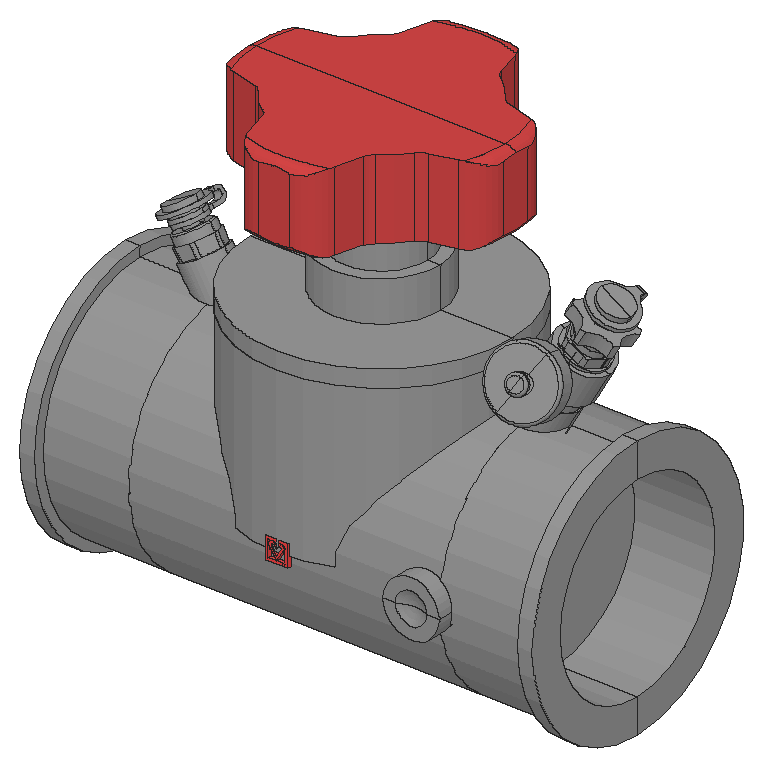
Revit family "Strangregulierventil für Differenzdruckmessung, Geradsitzform 4217 GML", category Rohrzubehör, Revit 2018
Family settings
  Bemaßung runder Anschluss = Durchmesser verwenden
  Teiletyp = Unterbricht
  OmniClass-Nummer = 23.65.55.14
  OmniClass-Titel = Valves for Liquid Services
  Arbeitsebenenbasiert = Nein
  Immer vertikal = Ja
  Beim Laden mit Abzugskörper schneiden = Nein
  Gemeinsam genutzt = Nein
Parameters
  kvs-Wert [instance] = if(Nennweite = 15.00 mm, 6.05, if(Nennweite = 20.00 mm, 6.11, if(Nennweite = 25.00 mm, 9.22, if(Nennweite = 32.00 mm, 18.83, if(Nennweite = 40.00 mm, 23.29, if(Nennweite = 50.00 mm, 35.26, if(Nennweite = 65.00 mm, 52.11, if(Nennweite = 80.00 mm, 76.1, 0))))))))  # 76.1
  W02 = 60.00°  # constant formula
  W01 = 30.00°  # constant formula
  URL = "www.herz-armaturen.at"
  SC_NennweiteBerechnet = 0
  SC_Dimension = ""
  SCRNSEQ = "ARM;ARM_TYP=\"STRV\";2"
  SCRNCODE = "05;07;02"  # constant formula
  S02 = 60.00 mm  # constant formula
  S01 [instance] = H00 + H01  # 119.31 mm
  R01 [instance] = size_lookup("4217_GML_", "R1", 1.00 mm, Nennweite)  # 53.00 mm
  Nennweite [instance] = 80.00 mm
  Medium = "Heizwasserqualität entsprechend ÖNORM H 5195 bzw. VDI-Richtlinie 2035.\r\nDie Verwendung von Ethylen- und Propylenglykol ist im Mischungsverhältnis 25 - 50 Vol. % zulässig."
  Max. Betriebstemperatur (bis DN32) = 130 °C  # constant formula
  Max. Betriebstemperatur (ab DN40) = 110 °C  # constant formula
  Max. Betriebsdruck = 1600000.0 Pa  # constant formula
  ML02 [instance] = size_lookup("4217_GML_", "ML2", 1.00 mm, Nennweite)  # 70.50 mm
  ML01 [instance] = size_lookup("4217_GML_", "ML1", 1.00 mm, Nennweite)  # 37.35 mm
  MD01 = 9.50 mm  # constant formula
  L02 [instance] = size_lookup("4217_GML_", "L2", 1.00 mm, Nennweite)  # 6.00 mm
  L01 [instance] = size_lookup("4217_GML_", "L1", 1.00 mm, Nennweite)  # 41.30 mm
  L00 [instance] = size_lookup("4217_GML_", "L", 1.00 mm, Nennweite)  # 210.00 mm
  IG [instance] = Nennweite / 2  # 40.00 mm
  Hersteller = "HERZ Armaturen Ges.m.b.H."  # constant formula
  H04 [instance] = size_lookup("4217_GML_", "H4", 1.00 mm, Nennweite)  # 19.00 mm
  H03 = 10.00 mm  # constant formula
  H02 [instance] = size_lookup("4217_GML_", "H2", 1.00 mm, Nennweite)  # 7.00 mm
  H01 [instance] = size_lookup("4217_GML_", "H1", 1.00 mm, Nennweite)  # 52.60 mm
  H00 [instance] = size_lookup("4217_GML_", "H", 1.00 mm, Nennweite)  # 66.71 mm
  Gewicht [instance] = if(Nennweite = 15.00 mm, "0.97 kg", if(Nennweite = 20.00 mm, "1.00 kg", if(Nennweite = 25.00 mm, "1.45 kg", if(Nennweite = 32.00 mm, "1.98 kg", if(Nennweite = 40.00 mm, "2.34 kg", if(Nennweite = 50.00 mm, "3.85 kg", if(Nennweite = 65.00 mm, "5.35 kg", if(Nennweite = 80.00 mm, "7.20 kg", "0 kg"))))))))  # "7.20 kg"
  Gehäuse = "DZR-Messing"  # constant formula
  GT [instance] = size_lookup("4217_GML_", "GT", 1.00 mm, Nennweite)  # 33.30 mm
  Einbaulage = "Bedingt durch die senkrecht zur Ventilachse angeordnete, nichtsteigende Ventilspindel ist für jede Einbaulage optimale Zugängigkeit und Bedienbarkeit des Ventils gewährleistet."
  Differenzdruckmessung = "STRÖMAX-GML Strangregulierventil ist mit zwei Messventilen ausgestattet.\r\nBei Verwendung eines geeigneten Messgerätes kann der Differenzdruck gemessen und dadurch die jeweilige Durchflussmenge in Abhängigkeit der Einstellstufe ermittelt werden.\r\nAm HERZ-Messcomputer (1 8900 05) ist außerdem direkt die jeweilige Durchflussmenge ablesbar."
  DN80 [instance] = Nennweite = 80.00 mm  # yes
  DN65 [instance] = Nennweite = 65.00 mm  # no
  DN50_DN80 [instance] = or(Nennweite = 50.00 mm, Nennweite = 65.00 mm, Nennweite = 80.00 mm)  # yes
  DN50-DN80 [instance] = H00 + H01  # 119.31 mm
  DN50 [instance] = Nennweite = 50.00 mm  # no
  DN40 [instance] = Nennweite = 40.00 mm  # no
  DN32 [instance] = Nennweite = 32.00 mm  # no
  DN25 [instance] = Nennweite = 25.00 mm  # no
  DN20 [instance] = Nennweite = 20.00 mm  # no
  DN15_DN40 [instance] = or(Nennweite = 15.00 mm, Nennweite = 20.00 mm, Nennweite = 25.00 mm, Nennweite = 32.00 mm, Nennweite = 40.00 mm)  # no
  DN15-DN40 [instance] = H00 + H01  # 119.31 mm
  DN15 [instance] = Nennweite = 15.00 mm  # no
  D06 [instance] = size_lookup("4217_GML_", "D6", 1.00 mm, Nennweite)  # 24.30 mm
  D05 [instance] = size_lookup("4217_GML_", "D5", 1.00 mm, Nennweite)  # 19.00 mm
  D04 = 9.00 mm  # constant formula
  D03 [instance] = size_lookup("4217_GML_", "D3", 1.00 mm, Nennweite)  # 53.80 mm
  D02 [instance] = size_lookup("4217_GML_", "D2", 1.00 mm, Nennweite)  # 54.00 mm
  D01 [instance] = size_lookup("4217_GML_", "D1", 1.00 mm, Nennweite)  # 50.00 mm
  Bestellnummer [instance] = size_lookup("4217_GML_", "Artnr", 0, Nennweite)  # 1421718
  Ausführung = "STRÖMAX-GML Strangregulierventil mit Messventilen und Impulsleitungsanschluß 1/2″ – 3″\r\nGeradesitzform, gelbe Ausführung, Muffe x Muffe, nichtsteigende Spindel, Spindelabdichtung durch Doppel-O-Ring, Voreinstellung durch Hubbegrenzung mittels Innenspindel, digitale Anzeige der Voreinstellstufe im Handradfenster.\r\nEin Standardmeßventil und ein Messventil mit integriertem Impulsleitungsanschluß befinden sich neben dem Handrad."
  Anwendungen = "Zum hydraulischen Abgleich in Heiz- oder Kühlanlagen, Einregulieren von Verteilleitungen, Strängen, Wärmetauschern, Heiz- und Kühlregistern."
Reference planes
  plane 1 "Mitte (Vorne/hinten)": y = 0
  plane 2: z = 0
  plane 3 "Mitte (Links/rechts)": x = 0
Forms (mm)
  Revolve 1, solid, material "Messing, weicher Gelbton, geschweißt", detail levels fine
    sketch origin (0, 0, 0) x (1, 0, 0) y (0, 0, 1)
      loop
        line (-105, 54) -> (-105, 40) -> (-71.7, 40) -> (-71.7, 0) -> (71.7, 0) -> (71.7, 40) -> (105, 40) -> (105, 54) -> (99, 54) -> (99, 50) -> (63.7, 50)
        arc (63.7, 50) -> (0, 53) -> (-63.7, 50) r 677.782
        line (-63.7, 50) -> (-99, 50) -> (-99, 54) -> (-105, 54)
      axis (-105, 0) -> (105, 0)
    angle from 0 to 360
  Revolve 2, solid, material "Messing, weicher Gelbton, geschweißt", detail levels fine
    sketch origin (0, 0, 0) x (1, 0, 0) y (0, 0, 1)
      loop
        line (37.35, 0) -> (72.6, 61.055) -> (64.373, 65.805) -> (29.123, 4.75) -> (37.35, 0)
      axis (37.35, 0) -> (72.6, 61.055)
    angle from 0 to 360
  Revolve 3, solid, material "Messing, weicher Gelbton, geschweißt", detail levels fine
    sketch origin (0, 0, 0) x (1, 0, 0) y (0, 0, 1)
      loop
        line (0, 0) -> (0, 66.71) -> (-53.8, 66.71) -> (-53.8, 0) -> (0, 0)
      axis (0, 66.71) -> (0, 0)
    angle from 0 to 360
  Revolve 4, solid, material "Messing, weicher Gelbton, geschweißt", detail levels fine
    sketch origin (0, 0, 0) x (-1, 0, 0) y (0, 0, 1)
      loop
        line (37.35, 0) -> (72.6, 61.055) -> (64.373, 65.805) -> (29.123, 4.75) -> (37.35, 0)
      axis (37.35, 0) -> (72.6, 61.055)
    angle from 0 to 360
  Revolve 5, solid, material "Messing, weicher Gelbton, geschweißt", visible <- "DN65", detail levels fine
    sketch origin (0, 0, 0) x (1, 0, 0) y (0, 1, 0)
      loop
        line (60, 47.945) -> (60, -47.945)
        arc (60, -47.945) -> (63.368, -48.598) -> (66.5, -50) r 15
        line (66.5, -50) -> (71.5, -50) -> (71.5, 50) -> (66.5, 50)
        arc (66.5, 50) -> (63.368, 48.598) -> (60, 47.945) r 15
      axis (60, 50) -> (60, -50)
    angle from 0 to 360
  Revolve 6, solid, material "Messing, weicher Gelbton, geschweißt", detail levels fine
    sketch origin (0, 0, 0) x (1, 0, 0) y (0, 0, 1)
      loop
        line (0, 66.71) -> (0, 119.31) -> (-9, 119.31) -> (-9, 109.31) -> (-19, 109.31) -> (-19, 90.31) -> (-24.3, 90.31) -> (-24.3, 73.71) -> (-53.8, 73.71) -> (-53.8, 66.71) -> (0, 66.71)
      axis (0, 119.31) -> (0, 66.71)
    angle from 0 to 360
  Revolve 7, solid, material "Messing, weicher Gelbton, geschweißt", visible <- "DN80", detail levels fine
    sketch origin (0, 0, 0) x (1, 0, 0) y (0, 1, 0)
      loop
        line (57, 53.945) -> (57, -53.945)
        arc (57, -53.945) -> (60.368, -54.598) -> (63.5, -56) r 15
        line (63.5, -56) -> (68.5, -56) -> (68.5, 56) -> (63.5, 56)
        arc (63.5, 56) -> (60.368, 54.598) -> (57, 53.945) r 15
      axis (57, 56) -> (57, -56)
    angle from 0 to 360
Lines and regions (mm)
  model lines, detail levels coarse+medium
    curve 1: line (-105, 0, 54) -> (-105, 0, -54)
    curve 2: line (-105, 0, -54) -> (105, 0, 54)
    curve 3: line (105, 0, 54) -> (105, 0, -54)
    curve 4: line (105, 0, -54) -> (-105, 0, 54)
    curve 5: line (0, 0, 0) -> (68.884, 0, 119.31)
    curve 6: line (42.903, 0, 134.31) -> (94.864, 0, 104.31)
    curve 7: line (-105, 54, 0) -> (-105, -54, 0)
    curve 8: line (-105, -54, 0) -> (105, 54, 0)
    curve 9: line (105, 54, 0) -> (105, -54, 0)
    curve 10: line (105, -54, 0) -> (-105, 54, 0)
    curve 11: line (0, 0, 0) -> (68.884, 119.31, 0)
    curve 12: line (42.903, 134.31, 0) -> (94.864, 104.31, 0)
Dimensions and locks
  "IG": Revolve 1 sketch curve to plane 2
  "GT": Revolve 1 sketch curve to Revolve 1 sketch curve  (x2)
  "IG": Revolve 1 sketch curve to Revolve 1 sketch curve
  "D01": Revolve 1 sketch curve to Revolve 1 sketch curve  (x2)
  "R01": Revolve 1 sketch curve to Revolve 1 sketch curve
  "L02": Revolve 1 sketch curve to Revolve 1 sketch curve  (x2)
  "L01": Revolve 1 sketch curve to Revolve 1 sketch curve  (x2)
  "D02": Revolve 1 sketch curve to plane 2  (x2)
  equal spacing: Revolve 1 sketch curve, plane 3 "Mitte (Links/rechts)", Revolve 1 sketch curve
  "L00": Revolve 1 sketch curve to Revolve 1 sketch curve
  "R01": nested 1 to plane 1 "Mitte (Vorne/hinten)"
  "ML01": Revolve 2 sketch curve to plane 3 "Mitte (Links/rechts)"
  "H00": Revolve 3 sketch curve to plane 2
  "D03": Revolve 3 sketch curve to Revolve 3 sketch curve
  "ML02": Revolve 2 sketch curve to Revolve 2 sketch curve
  "MD01": Revolve 2 sketch curve to Revolve 2 sketch curve  (x2)
  "ML02": Revolve 4 sketch curve to Revolve 4 sketch curve
  "MD01": Revolve 4 sketch curve to Revolve 4 sketch curve  (x2)
  "ML01": plane 3 "Mitte (Links/rechts)" to Revolve 4 sketch curve
  Revolve 5 sketch curve to Revolve 1 = 45.00 mm
  Revolve 5 sketch curve to Revolve 5 sketch curve = 11.50 mm  (x2)
  Revolve 5 sketch curve to plane 1 "Mitte (Vorne/hinten)" to Revolve 5 sketch curve = 50.00 mm, 50.00 mm
  "H00": Revolve 6 sketch curve to plane 2
  "H01": Revolve 6 sketch curve to Revolve 6 sketch curve
  "D04": Revolve 6 sketch curve to Revolve 6 sketch curve
  "D03": Revolve 6 sketch curve to Revolve 6 sketch curve
  "D05": Revolve 6 sketch curve to Revolve 6 sketch curve
  "D06": Revolve 6 sketch curve to Revolve 6 sketch curve
  "H02": Revolve 6 sketch curve to Revolve 6 sketch curve
  "H03": Revolve 6 sketch curve to Revolve 6 sketch curve
  "H04": Revolve 6 sketch curve to Revolve 6 sketch curve
  Revolve 7 sketch curve to Revolve 1 = 48.00 mm
  Revolve 7 sketch curve to Revolve 7 sketch curve = 11.50 mm  (x2)
  Revolve 7 sketch curve to plane 1 "Mitte (Vorne/hinten)" to Revolve 7 sketch curve = 56.00 mm, 56.00 mm
  "DN15-DN40": nested 2 to plane 2
  "DN50-DN80": nested 3 to plane 2
  "D02": curve 4 to plane 2 to curve 2
  "D02": curve 3 to plane 2 to curve 4
  equal spacing: curve 1, plane 3 "Mitte (Links/rechts)", curve 3
  "L00": curve 1 to curve 3
  equal spacing: Revolve 1, curve 5, Revolve 1
  "S01": curve 5 to plane 2
  equal spacing: curve 6, curve 5, curve 6
  "S02": curve 6 to curve 6
  "D02": curve 8 to plane 1 "Mitte (Vorne/hinten)" to curve 10
  "D02": curve 10 to plane 1 "Mitte (Vorne/hinten)" to curve 9
  equal spacing: curve 7, plane 3 "Mitte (Links/rechts)", curve 9
  "L00": curve 7 to curve 9
  equal spacing: curve 7, curve 11, curve 9
  "S01": plane 1 "Mitte (Vorne/hinten)" to curve 11
  equal spacing: curve 12, curve 11, curve 12
  "S02": curve 12 to curve 12
  radius of Revolve 5 sketch curve = 15.00 mm  (x2)
  radius of Revolve 7 sketch curve = 15.00 mm  (x2)
  "W01": angle Revolve 2 sketch curve to plane 3 "Mitte (Links/rechts)"  (x2)
  "W01": angle plane 3 "Mitte (Links/rechts)" to Revolve 4 sketch curve  (x2)
  "W02": angle plane 2 to curve 5
  "W02": angle plane 1 "Mitte (Vorne/hinten)" to curve 11
  aligned and locked: level to plane 2
Automatic sketch dimensions
  Revolve 5 sketch curve to Revolve 5 sketch curve = 1.153 mm  (x2)
  Revolve 5 sketch curve to Revolve 5 sketch curve = 5.00 mm  (x2)
  Revolve 5 sketch curve to Revolve 5 sketch curve = 2.854 mm  (x2)
  Revolve 7 sketch curve to Revolve 7 sketch curve = 1.153 mm  (x2)
  Revolve 7 sketch curve to Revolve 7 sketch curve = 5.00 mm  (x2)
  Revolve 7 sketch curve to Revolve 7 sketch curve = 8.854 mm  (x2)
  Revolve 1 sketch curve to level = 0.00 mm  (x2)
  Revolve 1 sketch curve to Revolve 1 sketch curve = 1429.986 mm
  Revolve 1 sketch curve to Revolve 1 sketch curve = 1762.604 mm
  Revolve 2 sketch curve to level = 0.00 mm  (x2)
  Revolve 3 sketch curve to level = 0.00 mm
  Revolve 3 sketch curve to plane 3 "Mitte (Links/rechts)" = 0.00 mm  (x2)
  Revolve 3 sketch curve to Revolve 3 sketch curve = 366.045 mm
  Revolve 3 sketch curve to Revolve 3 sketch curve = 2179.415 mm
  Revolve 4 sketch curve to level = 0.00 mm  (x2)
  Revolve 6 sketch curve to plane 3 "Mitte (Links/rechts)" = 0.00 mm  (x2)
  Revolve 6 sketch curve to level = 366.045 mm
  Revolve 6 sketch curve to Revolve 6 sketch curve = 2146.115 mm
Nested families
  nested 1: "Herz-Logo-vorne" at (0, -53, 0) x (0, 1, 0) z (0, 0, 1), type "Herz-Logo-vorne", detail levels fine
  nested 2: "Strangregulierventil-Handrad-Gerade (Rot) DN15-DN40" at (0, 0, 119.31), visible <- "DN15_DN40", type "Strangregulierventil-Handrad-Gerade (Rot) DN15-DN40", detail levels fine
    with Nennweite 0.00 mm, Gewicht 0.00 kg, Bestellnummer 0
  nested 3: "Strangregulierventil-Handrad-Gerade (Rot) DN50-DN80" at (0, 0, 119.31), visible <- "DN50_DN80", type "Strangregulierventil-Handrad-Gerade (Rot) DN50-DN80", detail levels fine
    with Nennweite 0.00 mm, Gewicht 0.00 kg, Bestellnummer 0
  nested 4: "Messstutzen_Band-KFE_Austritt_30Grad_(oben)" at (61.39, 0, 59.409), visible <- "DN50", type "Messstutzen_Band-KFE_Austritt_30Grad_(oben)", detail levels fine
    with Schutzkappe yes, Nennweite 0.00 mm, Gewicht 0.00 kg, Bestellnummer 0
  nested 5: "Messstutzen_Band_Eintritt_30Grad_(oben)" at (-47.24, 0, 34.901) x (-1, 0, 0) z (0, 0, 1), visible <- "DN50", type "Messstutzen_Band_Eintritt_30Grad_(oben)", detail levels fine
    with Schutzkappe yes, Nennweite 0.00 mm, Gewicht 0.00 kg, Bestellnummer 0
  nested 6: "Messstutzen_Band-KFE_Austritt_30Grad_(oben)" at (41.17, 0, 35.507), visible <- "DN15", type "Messstutzen_Band-KFE_Austritt_30Grad_(oben)", detail levels fine
    with Schutzkappe yes, Nennweite 0.00 mm, Gewicht 0.00 kg, Bestellnummer 0
  nested 7: "Messstutzen_Band_Eintritt_30Grad_(oben)" at (-27.02, 0, 10.999) x (-1, 0, 0) z (0, 0, 1), visible <- "DN15", type "Messstutzen_Band_Eintritt_30Grad_(oben)", detail levels fine
    with Schutzkappe yes, Nennweite 0.00 mm, Gewicht 0.00 kg, Bestellnummer 0
  nested 8: "Messstutzen_Band_Eintritt_30Grad_(oben)" at (-24.855, 0, 13.553) x (-1, 0, 0) z (0, 0, 1), visible <- "DN20", type "Messstutzen_Band_Eintritt_30Grad_(oben)", detail levels fine
    with Schutzkappe yes, Nennweite 0.00 mm, Gewicht 0.00 kg, Bestellnummer 0
  nested 9: "Messstutzen_Band-KFE_Austritt_30Grad_(oben)" at (39.005, 0, 38.062), visible <- "DN20", type "Messstutzen_Band-KFE_Austritt_30Grad_(oben)", detail levels fine
    with Schutzkappe yes, Nennweite 0.00 mm, Gewicht 0.00 kg, Bestellnummer 0
  nested 10: "Messstutzen_Band_Eintritt_30Grad_(oben)" at (-29.265, 0, 17.883) x (-1, 0, 0) z (0, 0, 1), visible <- "DN25", type "Messstutzen_Band_Eintritt_30Grad_(oben)", detail levels fine
    with Schutzkappe yes, Nennweite 0.00 mm, Gewicht 0.00 kg, Bestellnummer 0
  nested 11: "Messstutzen_Band-KFE_Austritt_30Grad_(oben)" at (43.415, 0, 42.392), visible <- "DN25", type "Messstutzen_Band-KFE_Austritt_30Grad_(oben)", detail levels fine
    with Schutzkappe yes, Nennweite 0.00 mm, Gewicht 0.00 kg, Bestellnummer 0
  nested 12: "Messstutzen_Band_Eintritt_30Grad_(oben)" at (-37.74, 0, 24.595) x (-1, 0, 0) z (0, 0, 1), visible <- "DN32", type "Messstutzen_Band_Eintritt_30Grad_(oben)", detail levels fine
    with Schutzkappe yes, Nennweite 0.00 mm, Gewicht 0.00 kg, Bestellnummer 0
  nested 13: "Messstutzen_Band-KFE_Austritt_30Grad_(oben)" at (51.89, 0, 49.104), visible <- "DN32", type "Messstutzen_Band-KFE_Austritt_30Grad_(oben)", detail levels fine
    with Schutzkappe yes, Nennweite 0.00 mm, Gewicht 0.00 kg, Bestellnummer 0
  nested 14: "Messstutzen_Band_Eintritt_30Grad_(oben)" at (-42.8, 0, 28.665) x (-1, 0, 0) z (0, 0, 1), visible <- "DN40", type "Messstutzen_Band_Eintritt_30Grad_(oben)", detail levels fine
    with Schutzkappe yes, Nennweite 0.00 mm, Gewicht 0.00 kg, Bestellnummer 0
  nested 15: "Messstutzen_Band-KFE_Austritt_30Grad_(oben)" at (56.95, 0, 53.174), visible <- "DN40", type "Messstutzen_Band-KFE_Austritt_30Grad_(oben)", detail levels fine
    with Schutzkappe yes, Nennweite 0.00 mm, Gewicht 0.00 kg, Bestellnummer 0
  nested 16: "Messstutzen_Band_Eintritt_30Grad_(oben)" at (-54.5, 0, 38.105) x (-1, 0, 0) z (0, 0, 1), visible <- "DN65", type "Messstutzen_Band_Eintritt_30Grad_(oben)", detail levels fine
    with Schutzkappe yes, Nennweite 0.00 mm, Gewicht 0.00 kg, Bestellnummer 0
  nested 17: "Messstutzen_Band-KFE_Austritt_30Grad_(oben)" at (68.65, 0, 62.614), visible <- "DN65", type "Messstutzen_Band-KFE_Austritt_30Grad_(oben)", detail levels fine
    with Schutzkappe yes, Nennweite 0.00 mm, Gewicht 0.00 kg, Bestellnummer 0
  nested 18: "Messstutzen_Band_Eintritt_30Grad_(oben)" at (-63.85, 0, 45.899) x (-1, 0, 0) z (0, 0, 1), visible <- "DN80", type "Messstutzen_Band_Eintritt_30Grad_(oben)", detail levels fine
    with Schutzkappe yes, Nennweite 0.00 mm, Gewicht 0.00 kg, Bestellnummer 0
  nested 19: "Messstutzen_Band-KFE_Austritt_30Grad_(oben)" at (78, 0, 70.408), visible <- "DN80", type "Messstutzen_Band-KFE_Austritt_30Grad_(oben)", detail levels fine
    with Schutzkappe yes, Nennweite 0.00 mm, Gewicht 0.00 kg, Bestellnummer 0
Connectors
  piping at (-71.7, 0, 0), diameter 80, driven by "Nennweite"
    settings: on Revolve 1, index 1, connector inside diameter 609.6 mm, connector length 0.00 mm, flow factor 0, pipe flow 0.0 L/s, pressure drop 0.0 Pa, fitting loss kfactor 0, connector angle 0.00°, fixture units 0, engagement length 0.00 mm, angle of deflection 0.00°, flow configuration 0, flow direction 1, fitting loss method 0, system type 29, joint type 0, gender type 0, connector reference index -1, connector utility 0, adjustable connector no, is connector primary yes, connector description ""
  piping at (71.7, 0, 0), diameter 80, driven by "Nennweite"
    settings: on Revolve 1, index 2, connector inside diameter 609.6 mm, connector length 0.00 mm, flow factor 0, pipe flow 0.0 L/s, pressure drop 0.0 Pa, fitting loss kfactor 0, connector angle 0.00°, fixture units 0, engagement length 0.00 mm, angle of deflection 0.00°, flow configuration 0, flow direction 2, fitting loss method 0, system type 29, joint type 0, gender type 0, connector reference index -1, connector utility 0, adjustable connector no, is connector primary no, connector description ""
Definition of nested family "Herz-Logo-vorne"
  Reference planes
    plane 1 "Mitte (Vorne/hinten)": y = 0
    plane 2: z = 0
    plane 3 "Mitte (Links/rechts)": x = 0
  Forms (mm)
    Extrusion 1, solid
      sketch origin (0.732, -0.018, 0.017) x (0, -1, 0) y (0, 0, 1)
        loop
          line (-0.018, -4.517) -> (4.482, -4.517) -> (4.482, 4.483) -> (-4.518, 4.483) -> (-4.518, -4.517) -> (-0.018, -4.517)
        loop
          line (-0.05, -3.48) -> (3.482, -3.48) -> (3.482, 3.483) -> (-3.518, 3.483) -> (-3.518, -3.48) -> (-0.05, -3.48)
        loop
          arc (-0.018, 2.383) -> (-1.543, 3.287) -> (-3.067, 2.383) r 1.738
          arc (-3.067, 2.383) -> (-3.191, 1.899) -> (-3.067, 1.415) r 1.009
          line (-3.067, 1.415) -> (-0.018, -3.281) -> (3.032, 1.415)
          arc (3.032, 1.415) -> (3.156, 1.899) -> (3.032, 2.383) r 1.009
          arc (3.032, 2.383) -> (1.507, 3.287) -> (-0.018, 2.383) r 1.738
        loop
          arc (1.885, 1.272) -> (2.005, 1.675) -> (1.885, 2.079) r 0.74
          arc (1.885, 2.079) -> (1.265, 2.416) -> (0.644, 2.079) r 0.74
          line (0.644, 2.079) -> (-0.018, 0.97) -> (-0.679, 2.079)
          arc (-0.679, 2.079) -> (-1.3, 2.416) -> (-1.921, 2.079) r 0.74
          arc (-1.921, 2.079) -> (-2.04, 1.675) -> (-1.921, 1.272) r 0.74
          line (-1.921, 1.272) -> (-0.018, -1.658) -> (1.885, 1.272)
      from 0 to 1.5
  Dimensions and locks
    aligned and locked: level to plane 2
Definition of nested family "Strangregulierventil-Handrad-Gerade (Rot) DN15-DN40"
  Parameters (values of type "Strangregulierventil-Handrad-Gerade (Rot) DN15-DN40")
    URL = "www.herz-armaturen.at"
    Nennweite [instance] = 0.00 mm
    Manufacturer = "Herz Armaturen GmbH"  # constant formula
    Gewicht [instance] = 0.00 kg
    Bestellnummer [instance] = 0
  Reference planes
    plane 1 "Mitte (Vorne/hinten)": y = 0
    plane 2: z = 0
    plane 3 "Mitte (Links/rechts)": x = 0
  Forms (mm)
    Revolve 1, solid, detail levels fine
      sketch origin (0, 0, 0) x (1, 0, 0) y (0, 0, 1)
        loop
          line (0, 0) -> (0, 24.95) -> (-30.992, 24.95)
          arc (-30.992, 24.95) -> (-34.37, 23.636) -> (-35.973, 20.386) r 5
          line (-35.973, 20.386) -> (-37, 8.65) -> (-35.986, -2.936)
          arc (-35.986, -2.936) -> (-34.383, -6.186) -> (-31.005, -7.5) r 5
          line (-31.005, -7.5) -> (-15, -7.5) -> (-15, 0) -> (0, 0)
        axis (0, 24.95) -> (0, -7.5)
      angle from 0 to 360
    Extrusion 2, void
      sketch origin (0, 0, 20.3) x (1, 0, 0) y (0, 1, 0)
        loop
          line (3.861, 35.5) -> (-3.861, 35.5)
          arc (-3.861, 35.5) -> (-8.731, 33.847) -> (-11.589, 29.571) r 8
          line (-11.589, 29.571) -> (-13.284, 23.245)
          arc (-13.284, 23.245) -> (-13.982, 21.722) -> (-15.144, 20.516) r 5
          arc (-15.144, 20.516) -> (-18.031, 18.031) -> (-20.516, 15.144) r 25.5
          arc (-20.516, 15.144) -> (-21.722, 13.982) -> (-23.245, 13.284) r 5
          line (-23.245, 13.284) -> (-29.571, 11.589)
          arc (-29.571, 11.589) -> (-33.847, 8.731) -> (-35.5, 3.861) r 8
          line (-35.5, 3.861) -> (-35.5, -3.861)
          arc (-35.5, -3.861) -> (-33.847, -8.731) -> (-29.571, -11.589) r 8
          line (-29.571, -11.589) -> (-23.245, -13.284)
          arc (-23.245, -13.284) -> (-21.722, -13.982) -> (-20.516, -15.144) r 5
          arc (-20.516, -15.144) -> (-18.031, -18.031) -> (-15.144, -20.516) r 25.5
          arc (-15.144, -20.516) -> (-13.982, -21.722) -> (-13.284, -23.245) r 5
          line (-13.284, -23.245) -> (-11.589, -29.571)
          arc (-11.589, -29.571) -> (-8.731, -33.847) -> (-3.861, -35.5) r 8
          line (-3.861, -35.5) -> (3.861, -35.5)
          arc (3.861, -35.5) -> (8.731, -33.847) -> (11.589, -29.571) r 8
          line (11.589, -29.571) -> (13.284, -23.245)
          arc (13.284, -23.245) -> (13.982, -21.722) -> (15.144, -20.516) r 5
          arc (15.144, -20.516) -> (18.031, -18.031) -> (20.516, -15.144) r 25.5
          arc (20.516, -15.144) -> (21.722, -13.982) -> (23.245, -13.284) r 5
          line (23.245, -13.284) -> (29.571, -11.589)
          arc (29.571, -11.589) -> (33.847, -8.731) -> (35.5, -3.861) r 8
          line (35.5, -3.861) -> (35.5, 3.861)
          arc (35.5, 3.861) -> (33.847, 8.731) -> (29.571, 11.589) r 8
          line (29.571, 11.589) -> (23.245, 13.284)
          arc (23.245, 13.284) -> (21.722, 13.982) -> (20.516, 15.144) r 5
          arc (20.516, 15.144) -> (18.031, 18.031) -> (15.144, 20.516) r 25.5
          arc (15.144, 20.516) -> (13.982, 21.722) -> (13.284, 23.245) r 5
          line (13.284, 23.245) -> (11.589, 29.571)
          arc (11.589, 29.571) -> (8.731, 33.847) -> (3.861, 35.5) r 8
        loop
          circle (0, 0) r 38
      from -31.266 to 7.923
  Cuts and joins
    Extrusion 2 cuts Revolve 1
  Dimensions and locks
    Revolve 1 sketch curve to Revolve 1 sketch curve = 15.00 mm
    Revolve 1 sketch curve to Revolve 1 sketch curve = 16.15 mm
    Revolve 1 sketch curve to Revolve 1 sketch curve = 16.30 mm
    angle Revolve 1 sketch curve to Revolve 1 sketch curve = 95.00°
    aligned and locked: level to plane 2
Definition of nested family "Strangregulierventil-Handrad-Gerade (Rot) DN50-DN80"
  Parameters (values of type "Strangregulierventil-Handrad-Gerade (Rot) DN50-DN80")
    URL = "www.herz-armaturen.at"
    Nennweite [instance] = 0.00 mm
    Manufacturer = "Herz Armaturen GmbH"  # constant formula
    Gewicht [instance] = 0.00 kg
    Bestellnummer [instance] = 0
  Reference planes
    plane 1 "Mitte (Vorne/hinten)": y = 0
    plane 2: z = 0
    plane 3 "Mitte (Links/rechts)": x = 0
  Forms (mm)
    Revolve 1, solid, detail levels fine
      sketch origin (0, 0, 0) x (1, 0, 0) y (0, 0, 1)
        loop
          line (0, 0) -> (0, 24.95) -> (-50.992, 24.95)
          arc (-50.992, 24.95) -> (-54.37, 23.636) -> (-55.973, 20.386) r 5
          line (-55.973, 20.386) -> (-57, 8.65) -> (-55.986, -2.936)
          arc (-55.986, -2.936) -> (-54.383, -6.186) -> (-51.005, -7.5) r 5
          line (-51.005, -7.5) -> (-15, -7.5) -> (-15, 0) -> (0, 0)
        axis (0, 24.95) -> (0, -7.5)
      angle from 0 to 360
    Extrusion 2, void
      sketch origin (0, 0, 20.3) x (1, 0, 0) y (0, 1, 0)
        loop
          line (-55, 6.292) -> (-55, -6.292)
          arc (-55, -6.292) -> (-52.52, -13.597) -> (-46.106, -17.883) r 12
          line (-46.106, -17.883) -> (-35.399, -20.752)
          arc (-35.399, -20.752) -> (-33.541, -21.612) -> (-32.08, -23.047) r 6
          arc (-32.08, -23.047) -> (-27.931, -27.931) -> (-23.047, -32.08) r 39.5
          arc (-23.047, -32.08) -> (-21.612, -33.541) -> (-20.752, -35.399) r 6
          line (-20.752, -35.399) -> (-17.883, -46.106)
          arc (-17.883, -46.106) -> (-13.597, -52.52) -> (-6.292, -55) r 12
          line (-6.292, -55) -> (6.292, -55)
          arc (6.292, -55) -> (13.597, -52.52) -> (17.883, -46.106) r 12
          line (17.883, -46.106) -> (20.752, -35.399)
          arc (20.752, -35.399) -> (21.612, -33.541) -> (23.047, -32.08) r 6
          arc (23.047, -32.08) -> (27.931, -27.931) -> (32.08, -23.047) r 39.5
          arc (32.08, -23.047) -> (33.541, -21.612) -> (35.399, -20.752) r 6
          line (35.399, -20.752) -> (46.106, -17.883)
          arc (46.106, -17.883) -> (52.52, -13.597) -> (55, -6.292) r 12
          line (55, -6.292) -> (55, 6.292)
          arc (55, 6.292) -> (52.52, 13.597) -> (46.106, 17.883) r 12
          line (46.106, 17.883) -> (35.399, 20.752)
          arc (35.399, 20.752) -> (33.541, 21.612) -> (32.08, 23.047) r 6
          arc (32.08, 23.047) -> (27.931, 27.931) -> (23.047, 32.08) r 39.5
          arc (23.047, 32.08) -> (21.612, 33.541) -> (20.752, 35.399) r 6
          line (20.752, 35.399) -> (17.883, 46.106)
          arc (17.883, 46.106) -> (13.597, 52.52) -> (6.292, 55) r 12
          line (6.292, 55) -> (-6.292, 55)
          arc (-6.292, 55) -> (-13.597, 52.52) -> (-17.883, 46.106) r 12
          line (-17.883, 46.106) -> (-20.752, 35.399)
          arc (-20.752, 35.399) -> (-21.612, 33.541) -> (-23.047, 32.08) r 6
          arc (-23.047, 32.08) -> (-27.931, 27.931) -> (-32.08, 23.047) r 39.5
          arc (-32.08, 23.047) -> (-33.541, 21.612) -> (-35.399, 20.752) r 6
          line (-35.399, 20.752) -> (-46.106, 17.883)
          arc (-46.106, 17.883) -> (-52.52, 13.597) -> (-55, 6.292) r 12
        loop
          circle (0, 0) r 60
      from -31.161 to 7.489
  Cuts and joins
    Extrusion 2 cuts Revolve 1
  Dimensions and locks
    Revolve 1 sketch curve to Revolve 1 sketch curve = 15.00 mm
    Revolve 1 sketch curve to Revolve 1 sketch curve = 16.15 mm
    Revolve 1 sketch curve to Revolve 1 sketch curve = 16.30 mm
    Revolve 1 sketch curve to Revolve 1 sketch curve = 57.00 mm
    angle Revolve 1 sketch curve to Revolve 1 sketch curve = 95.00°
    aligned and locked: level to plane 2
Definition of nested family "Messstutzen_Band-KFE_Austritt_30Grad_(oben)"
  Parameters (values of type "Messstutzen_Band-KFE_Austritt_30Grad_(oben)")
    URL = "www.herz-armaturen.at"
    Schutzkappe [instance] = yes
    Nennweite [instance] = 0.00 mm
    Manufacturer = "Herz Armaturen GmbH"  # constant formula
    Gewicht [instance] = 0.00 kg
    Bestellnummer [instance] = 0
  Reference planes
    plane 1 "Mitte (Vorne/hinten)": y = 0
    plane 2: z = 0
    plane 3 "Mitte (Links/rechts)": x = 0
  Forms (mm)
    Revolve 1, solid, detail levels fine
      sketch origin (0, 0, 0) x (0.866025, 0, -0.5) y (0.5, 0, 0.866025)
        loop
          line (-7.4, 9) -> (-5.55, 9) -> (-5.55, 6)
          arc (-5.55, 6) -> (-5.626, 5.617) -> (-5.843, 5.293) r 1
          line (-5.843, 5.293) -> (-6.455, 4.681) -> (-6.455, 0.9) -> (-5.555, 0) -> (-2, 0) -> (-2, 23) -> (-2, 35.8) -> (-3.805, 35.8) -> (-4.415, 35.19) -> (-4.415, 30.863) -> (-3.7, 30.45) -> (-3.7, 27) -> (-7.4, 27) -> (-7.4, 9)
        axis (0, 0) -> (0, 35.8)
      angle from 0 to 360
    Extrusion 2, solid, detail levels fine
      sketch origin (8.75, 0, 15.155) x (0, 1, 0) y (-0.866025, 0, 0.5)
        loop
          arc (-7.07, 5.156) -> (-7.578, 4.375) -> (-8, 3.544) r 8.75
          line (-8, 3.544) -> (-8, -3.544)
          arc (-8, -3.544) -> (-7.578, -4.375) -> (-7.07, -5.156) r 8.75
          line (-7.07, -5.156) -> (-0.93, -8.7)
          arc (-0.93, -8.7) -> (0, -8.75) -> (0.93, -8.7) r 8.75
          line (0.93, -8.7) -> (7.07, -5.156)
          arc (7.07, -5.156) -> (7.578, -4.375) -> (8, -3.544) r 8.75
          line (8, -3.544) -> (8, 3.544)
          arc (8, 3.544) -> (7.578, 4.375) -> (7.07, 5.156) r 8.75
          line (7.07, 5.156) -> (0.93, 8.7)
          arc (0.93, 8.7) -> (0, 8.75) -> (-0.93, 8.7) r 8.75
          line (-0.93, 8.7) -> (-7.07, 5.156)
      from -5.51 to -1.21
    Revolve 3, solid, visible <- "Schutzkappe", detail levels fine
      sketch origin (0, 0, 0) x (0.866025, 0, -0.5) y (0.5, 0, 0.866025)
        loop
          line (0, 35.878) -> (0, 36.678) -> (-7, 36.678) -> (-7, 33.378) -> (-6.1, 33.378) -> (-6.1, 31.678) -> (-6.9, 31.678) -> (-6.9, 30.178) -> (-4.415, 30.178) -> (-4.415, 35.268) -> (-3.805, 35.878) -> (0, 35.878)
        axis (0, 30.178) -> (0, 36.678)
      angle from 0 to 360
    Extrusion 4, solid, detail levels fine
      sketch origin (15, 0, 25.981) x (0, 1, 0) y (0.866025, 0, -0.5)
        loop
          circle (0, 0) r 3.7
        loop
          arc (5.505, -3.906) -> (7.288, -2.358) -> (9.582, -1.8) r 5
          line (9.582, -1.8) -> (9.582, 1.8)
          arc (9.582, 1.8) -> (7.288, 2.358) -> (5.505, 3.906) r 5
          arc (5.505, 3.906) -> (-6.75, 0) -> (5.505, -3.906) r 6.75
      from 0 to -1.5
    Extrusion 5, solid, detail levels fine
      sketch origin (16.589, 0, 28.733) x (0, 1, 0) y (0.866025, 0, -0.5)
        loop
          circle (0, 0) r 6.1
        loop
          arc (8.652, -4.495) -> (10.493, -2.527) -> (13.089, -1.8) r 5
          line (13.089, -1.8) -> (13.089, 1.8)
          arc (13.089, 1.8) -> (10.493, 2.527) -> (8.652, 4.495) r 5
          arc (8.652, 4.495) -> (-9.75, 0) -> (8.652, -4.495) r 9.75
      from 0 to -1.5
    Sweep 6, solid, detail levels fine
      path origin (0, 0, 0) x (-0.5, 0, -0.866025) y (0, 1, 0)
        loop
          line (-29.25, 9.582) -> (-29.25, 14.522)
          arc (-29.25, 14.522) -> (-30.839, 16.112) -> (-32.428, 14.522) r 1.589
          line (-32.428, 14.522) -> (-32.428, 13.089)
      profile origin (14.625, 12.052, 25.331) x (0.5, 0, 0.866025) y (0.866025, 0, -0.5)
        loop
          line (-0.75, -1.8) -> (0.75, -1.8) -> (0.75, 1.8) -> (-0.75, 1.8) -> (-0.75, -1.8)
    Extrusion 7, solid, detail levels fine
      sketch origin (-87.639, 0, 50.598) x (0.866025, 0, -0.5) y (0, 1, 0)
        loop
          arc (112.053, 5.113) -> (111.589, 6) -> (111.053, 6.845) r 12
          arc (111.053, 6.845) -> (105.696, 7.794) -> (102.196, 11.958) r 7.971
          arc (102.196, 11.958) -> (101.196, 12) -> (100.196, 11.958) r 12
          arc (100.196, 11.958) -> (96.696, 7.794) -> (91.34, 6.845) r 7.971
          arc (91.34, 6.845) -> (90.804, 6) -> (90.34, 5.113) r 12
          arc (90.34, 5.113) -> (92.196, 0) -> (90.34, -5.113) r 7.971
          arc (90.34, -5.113) -> (90.804, -6) -> (91.34, -6.845) r 12
          arc (91.34, -6.845) -> (96.696, -7.794) -> (100.196, -11.958) r 7.971
          arc (100.196, -11.958) -> (101.196, -12) -> (102.196, -11.958) r 12
          arc (102.196, -11.958) -> (105.696, -7.794) -> (111.053, -6.845) r 7.971
          arc (111.053, -6.845) -> (111.589, -6) -> (112.053, -5.113) r 12
          arc (112.053, -5.113) -> (110.196, 0) -> (112.053, 5.113) r 7.971
      from 22.3 to 28.5
    Revolve 8, solid, detail levels fine
      sketch origin (-47.563, 0, 4.367) x (-0.866025, 0, 0.5) y (0.5, 0, 0.866025)
        loop
          line (-43.374, 0) -> (-37.874, 0) -> (-36.774, 1.1) -> (-36.774, 4.9) -> (-37.874, 6) -> (-37.874, 8.4) -> (-36.424, 8.4) -> (-36.424, 9.2) -> (-34.424, 9.2) -> (-34.424, 15.59) -> (-31.874, 15.59) -> (-31.874, 30.99) -> (-33.874, 30.99) -> (-33.874, 31.99) -> (-43.374, 31.99) -> (-43.374, 0)
        loop
          line (-43.374, 39) -> (-43.374, 36.29) -> (-35.874, 36.29) -> (-35.874, 39) -> (-43.374, 39)
        axis (-43.374, 39) -> (-43.374, 0)
      angle from 0 to 360
    Revolve 9, solid, detail levels fine
      sketch origin (0, 0, 0) x (0, -1, 0) y (0.5, 0, 0.866025)
        loop
          line (0, -1.01) -> (32.627, 14.204) -> (27.556, 25.08) -> (25.934, 25.67) -> (21.602, 23.65) -> (14.873, 11.994) -> (-2.324, 3.975) -> (0, -1.01)
        axis (32.627, 14.204) -> (0, -1.01)
      angle from 0 to 360
    Revolve 10, solid, detail levels fine
      sketch origin (-19.899, -51.188, -34.465) x (-0.453154, -0.422618, -0.784886) y (0.211309, -0.906308, 0.365998)
        loop
          line (-56.786, 8) -> (-45.747, 8) -> (-45.747, 0) -> (-43.834, 0) -> (-42.786, 1.048) -> (-42.786, 8.048)
          arc (-42.786, 8.048) -> (-43.065, 8.721) -> (-43.738, 9) r 0.952
          line (-43.738, 9) -> (-52.974, 9)
          arc (-52.974, 9) -> (-53.548, 9.238) -> (-53.786, 9.812) r 0.812
          line (-53.786, 9.812) -> (-53.786, 12) -> (-52.786, 12) -> (-52.786, 13.03)
          arc (-52.786, 13.03) -> (-53.07, 13.716) -> (-53.756, 14) r 0.97
          line (-53.756, 14) -> (-56.786, 14) -> (-56.786, 8)
        axis (-56.786, 14) -> (-56.786, 0)
      angle from 0 to 360
  Dimensions and locks
    aligned and locked: level to plane 2
Definition of nested family "Messstutzen_Band_Eintritt_30Grad_(oben)"
  Parameters (values of type "Messstutzen_Band_Eintritt_30Grad_(oben)")
    URL = "www.herz-armaturen.at"
    Schutzkappe [instance] = yes
    Nennweite [instance] = 0.00 mm
    Manufacturer = "Herz Armaturen GmbH"  # constant formula
    Gewicht [instance] = 0.00 kg
    Bestellnummer [instance] = 0
  Reference planes
    plane 1 "Mitte (Vorne/hinten)": y = 0
    plane 2: z = 0
    plane 3 "Mitte (Links/rechts)": x = 0
  Forms (mm)
    Revolve 1, solid, detail levels fine
      sketch origin (0, 0, 0) x (0.866025, 0, -0.5) y (0.5, 0, 0.866025)
        loop
          line (-7.4, 9) -> (-5.55, 9) -> (-5.55, 6)
          arc (-5.55, 6) -> (-5.626, 5.617) -> (-5.843, 5.293) r 1
          line (-5.843, 5.293) -> (-6.455, 4.681) -> (-6.455, 0.9) -> (-5.555, 0) -> (-2, 0) -> (-2, 17.5) -> (-8.4, 17.5)
          arc (-8.4, 17.5) -> (-7.693, 17.207) -> (-7.4, 16.5) r 1
          line (-7.4, 16.5) -> (-7.4, 9)
        loop
          line (-3.7, 27) -> (-7.3, 27) -> (-7.9, 26.4) -> (-7.9, 23) -> (-2, 23) -> (-2, 35.8) -> (-3.805, 35.8) -> (-4.415, 35.19) -> (-4.415, 30.863) -> (-3.7, 30.45) -> (-3.7, 27)
        axis (0, 0) -> (0, 35.8)
      angle from 0 to 360
    Extrusion 2, solid, detail levels fine
      sketch origin (8.75, 0, 15.155) x (0, 1, 0) y (-0.866025, 0, 0.5)
        loop
          arc (-7.07, 5.156) -> (-7.578, 4.375) -> (-8, 3.544) r 8.75
          line (-8, 3.544) -> (-8, -3.544)
          arc (-8, -3.544) -> (-7.578, -4.375) -> (-7.07, -5.156) r 8.75
          line (-7.07, -5.156) -> (-0.93, -8.7)
          arc (-0.93, -8.7) -> (0, -8.75) -> (0.93, -8.7) r 8.75
          line (0.93, -8.7) -> (7.07, -5.156)
          arc (7.07, -5.156) -> (7.578, -4.375) -> (8, -3.544) r 8.75
          line (8, -3.544) -> (8, 3.544)
          arc (8, 3.544) -> (7.578, 4.375) -> (7.07, 5.156) r 8.75
          line (7.07, 5.156) -> (0.93, 8.7)
          arc (0.93, 8.7) -> (0, 8.75) -> (-0.93, 8.7) r 8.75
          line (-0.93, 8.7) -> (-7.07, 5.156)
      from 0 to 5.5
    Revolve 3, solid, visible <- "Schutzkappe", detail levels fine
      sketch origin (0, 0, 0) x (0.866025, 0, -0.5) y (0.5, 0, 0.866025)
        loop
          line (0, 35.878) -> (0, 36.678) -> (-7, 36.678) -> (-7, 33.378) -> (-6.1, 33.378) -> (-6.1, 31.678) -> (-6.9, 31.678) -> (-6.9, 30.178) -> (-4.415, 30.178) -> (-4.415, 35.268) -> (-3.805, 35.878) -> (0, 35.878)
        axis (0, 30.178) -> (0, 36.678)
      angle from 0 to 360
    Extrusion 4, solid, detail levels fine
      sketch origin (14.25, 0, 24.682) x (0, 1, 0) y (0.866025, 0, -0.5)
        loop
          circle (0, 0) r 3.7
        loop
          arc (5.505, -3.906) -> (7.288, -2.358) -> (9.582, -1.8) r 5
          line (9.582, -1.8) -> (9.582, 1.8)
          arc (9.582, 1.8) -> (7.288, 2.358) -> (5.505, 3.906) r 5
          arc (5.505, 3.906) -> (-6.75, 0) -> (5.505, -3.906) r 6.75
      from 0 to -1.5
    Extrusion 5, solid, detail levels fine
      sketch origin (16.589, 0, 28.733) x (0, 1, 0) y (0.866025, 0, -0.5)
        loop
          circle (0, 0) r 6.1
        loop
          arc (8.652, -4.495) -> (10.493, -2.527) -> (13.089, -1.8) r 5
          line (13.089, -1.8) -> (13.089, 1.8)
          arc (13.089, 1.8) -> (10.493, 2.527) -> (8.652, 4.495) r 5
          arc (8.652, 4.495) -> (-9.75, 0) -> (8.652, -4.495) r 9.75
      from 0 to -1.5
    Sweep 6, solid, detail levels fine
      path origin (0.933, -0.183, 1.116) x (-0.5, 0, -0.866025) y (0, 1, 0)
        loop
          line (-27.75, 9.582) -> (-27.75, 14.522)
          arc (-27.75, 14.522) -> (-30.089, 16.862) -> (-32.428, 14.522) r 2.339
          line (-32.428, 14.522) -> (-32.428, 13.089)
      profile origin (14.808, 11.869, 25.148) x (0.5, 0, 0.866025) y (0.866025, 0, -0.5)
        loop
          line (-0.75, -1.8) -> (0.75, -1.8) -> (0.75, 1.8) -> (-0.75, 1.8) -> (-0.75, -1.8)
  Dimensions and locks
    aligned and locked: level to plane 2
